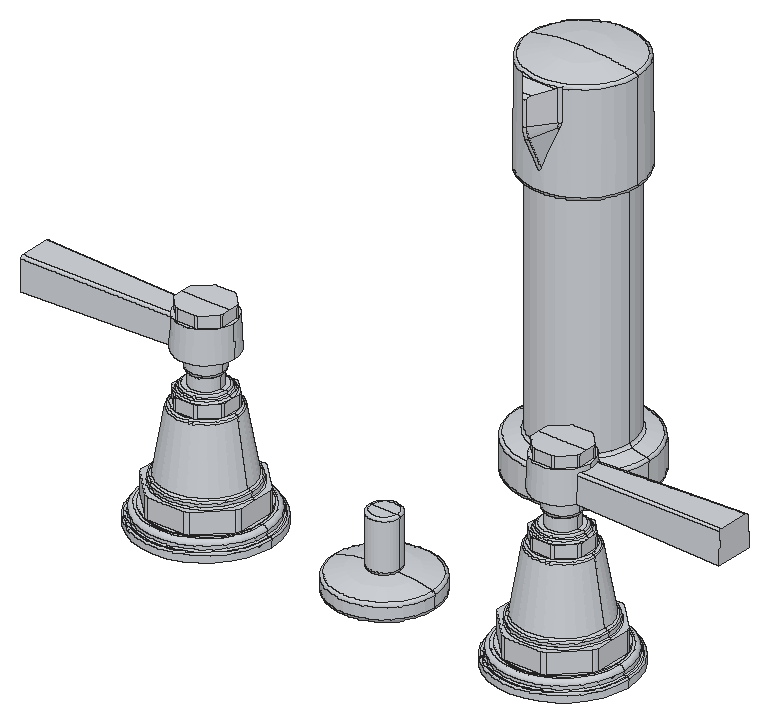
Revit family "Faucet-Bidet-KOHLER-Pinstripe_Pure-K-13142", category Plumbing Fixtures, host Face, Revit 2017
Family settings
  Host = Face
  Round Connector Dimension = Use Diameter
  Part Type = Normal
  OmniClass Number = 23.31.11.00
  OmniClass Title = Faucets
  Cut with Voids When Loaded = No
  Shared = No
  Room Calculation Point = No
Parameters (values of type "CP-Polished Chrome")
  Width [instance] = 5 3/4"
  WaterSense Certified = 1 = 0  # no
  Waste Water Outlet = "Waste Water Outlet"  # constant formula
  Waste Connection = 1 = 0  # no
  Vent Connection = 1 = 0  # no
  URL = "https://www.us.kohler.com/us/"
  Type = 1
  Spout Reach = 0"
  Product Page URL = "http://www.us.kohler.com/us/catalog/productDetails.jsp?productNumber=13142-4A"
  Product Name = "Pinstripe Pure"  # constant formula
  Product Documentation Link = "https://www.us.kohler.com/webassets/kpna/catalog/pdf/en/K-13142-4A_spec.pdf"
  Pressure = 0.00 psi
  Model = if(Type = 1, "K-13142-4A-CP", if(Type = 2, "K-13142-4A-SN", if(Type = 3, "K-13142-4A-BN", "NA")))  # "K-13142-4A-CP"
  Material = "Premium Metal construction"  # constant formula
  Master Format 2014 Name = "Residential Faucets, Supplies, and Trim"  # constant formula
  Master Format 2014 = "22 41 39"  # constant formula
  Manufacturer Address = "444 Highland Dr, Kohler, WI 53044"  # constant formula
  Manufacturer = "KOHLER Co."  # constant formula
  Length = 2 1/8"  # constant formula
  Hot Water Inlet = "Hot Water Inlet"  # constant formula
  Height = 6 1/8"  # constant formula
  Handle Clearance = 2 3/4"  # constant formula
  HW Connection = 1 = 1  # yes
  Flow Rate = 0 GPM
  Finish = Kohler-Metal-CP-Polished_Chrome
  Faucet Hole Spacing [instance] = Width  # 5 3/4"
  Environmental Product Declaration = ""
  Drain Included = 1 = 1  # yes
  Distance Of Spray [instance] = 4"
  Description = "Vertical spray bidet faucet with lever handles"  # constant formula
  Default Elevation = 36"
  Declare Label = ""
  Date Modified = "03/23/2020"  # constant formula
  Date Created = "03/23/2020"  # constant formula
  Copyright = "Copyright KOHLER Co."  # constant formula
  Contact Us = "https://www.us.kohler.com/us/static/contact.jsp"
  Cold Water Inlet = "Cold Water Inlet"  # constant formula
  CW Connection = 1 = 1  # yes
  Assembly Code = "D2010"
  ADA Compliant = 1 = 0  # no
Types (4): name | Type | Model | Finish
  (no name) | 1 | "K-13142-4A-CP" | Kohler-Metal-CP-Polished_Chrome
  CP-Polished Chrome | 1 | "K-13142-4A-CP" | Kohler-Metal-CP-Polished_Chrome
  SN-Vibrant Polished Nickel | 2 | "K-13142-4A-SN" | Kohler-Metal-SN-Vibrant_Polished_Nickel
  BN-Vibrant Brushed Nickel | 3 | "K-13142-4A-BN" | Kohler-Metal-BN-Vibrant_Brushed_Nickel
Reference planes (in)
  plane 1 "Center (Front/Back)": y = 0
  plane 2: z = 0
  plane 3 "Center (Left/Right)": x = 0
  plane 4: y = 4
  plane 5: x = -1.0625
  plane 6: x = 1.0625
  plane 7: y = 5.0625
  plane 8: y = 2.9375
  plane 9: x = -2.875
  plane 10: x = -3.9375
  plane 11: x = -1.8125
  plane 12: y = -1.0625
  plane 13: y = 1.0625
  plane 14: x = 2.875
  plane 15: x = 3.9375
  plane 16: x = 1.8125
  plane 17: y = 2.8125
  plane 18: y = 0.8125
  plane 19: y = -0.8125
  plane 20: x = 0.8125
  plane 21: x = -0.8125
  plane 22: z = 6.125
  plane 23: z = 3.1875
  plane 24: x = 5.625
  plane 25: x = -5.625
Dimensions and locks (in)
  "Distance Of Spray": plane 1 "Center (Front/Back)" to plane 4
  equal spacing: plane 9, plane 3 "Center (Left/Right)", plane 14
  "Width": plane 9 to plane 14
  equal spacing: plane 10, plane 9, plane 11
  locked: plane 10 to plane 11 at 2.125
  equal spacing: plane 16, plane 14, plane 15, locked at 1.0625 each
  locked: plane 16 to plane 15 at 2.125
  equal spacing: plane 5, plane 3 "Center (Left/Right)", plane 6
  locked: plane 5 to plane 6 at 2.125
  equal spacing: plane 7, plane 4, plane 8, locked at 1.0625 each
  "Length": plane 7 to plane 8
  locked: plane 8 to plane 17 at 0.125
  "Handle Clearance": plane 25 to plane 9
  "Handle Clearance": plane 14 to plane 24
  "Height": plane 22 to plane 2
  aligned and locked: plane 2 to host face
  aligned and locked: level to host face
  aligned and locked: plane 9 to nested 1
  aligned and locked: plane 14 to nested 2
  aligned and locked: plane 10 to nested 1
  aligned and locked: plane 11 to nested 1
  aligned and locked: plane 16 to nested 2
  aligned and locked: plane 15 to nested 2
  aligned and locked: plane 5 to nested 4
  aligned and locked: plane 6 to nested 4
  aligned and locked: plane 4 to nested 4
  aligned and locked: plane 8 to nested 4
  aligned and locked: plane 17 to nested 4
  aligned and locked: plane 7 to nested 4
  aligned and locked: plane 25 to nested 1
  aligned and locked: plane 24 to nested 2
Automatic sketch dimensions
  host sketch curve to host sketch curve = 96"  (x2)
Nested families (in)
  nested 1: "K-13142_Handle" at (-2.875, 0, 0), type "K-13142_Handle"
  nested 2: "K-13142_Handle" at (2.875, 0, 0) x (-1, 0, 0) z (0, 0, 1), type "K-13142_Handle"
  nested 3: "K-13142_Liftrod" at (0, 0, 0), type "K-13142_Liftrod"
  nested 4: "K-13142_Spray_Handle" at (0, 4, 0), type "K-13142_Spray_Handle"
Connectors (in)
  piping at (-2.875, 0, 0), diameter 0.5, driven by "Flow Rate", driven by "HW Connection", driven by "Hot Water Inlet"
    settings: on nested 1, index 1, connector inside diameter 24", connector length 0", flow factor 0, pipe flow 0 GPM, pressure drop 0.00 psi, fitting loss kfactor 0, connector angle 0.00°, fixture units 0, engagement length 0", angle of deflection 0.00°, flow configuration 0, flow direction 1, fitting loss method 0, system type 19, joint type 0, gender type 0, connector reference index -1, connector utility 1, adjustable connector no, is connector primary yes, connector description "Hot Water Inlet"
  piping at (2.875, 0, 0), diameter 0.5, driven by "Flow Rate", driven by "CW Connection", driven by "Cold Water Inlet"
    settings: on nested 2, index 2, connector inside diameter 24", connector length 0", flow factor 0, pipe flow 0 GPM, pressure drop 0.00 psi, fitting loss kfactor 0, connector angle 0.00°, fixture units 0, engagement length 0", angle of deflection 0.00°, flow configuration 0, flow direction 1, fitting loss method 0, system type 20, joint type 0, gender type 0, connector reference index -1, connector utility 1, adjustable connector no, is connector primary no, connector description "Cold Water Inlet"
Definition of nested family "K-13142_Handle"
  Parameters (values of type "K-13142_Handle")
    Material = none
  Reference planes (in)
    plane 1 "Center (Front/Back)": y = 0
    plane 2: z = 0
    plane 3 "Center (Left/Right)": x = 0
    plane 4: x = 1.0625
    plane 5: z = 3.1875
    plane 6: x = -1.0625
    plane 7: x = -2.75
    plane 8: x = -1.5
    plane 9: y = 1.5
    plane 10: y = -1.0625
    plane 11: y = -1.5
    plane 12: x = 1.5
    plane 13: y = 1.0625
  Forms (in)
    Revolve 1, solid, material <- "Material", detail levels medium+fine
      sketch origin (4, 0, 0) x (1, 0, 0) y (0, 0, 1)
        loop
          line (-4, 0) -> (-4, 3.1875) -> (-4.44027, 3.1875) -> (-4.46393, 2.50998) -> (-4.33898, 2.50998)
          arc (-4.33898, 2.50998) -> (-4.30018, 2.49431) -> (-4.28316, 2.45608) r 0.05585
          line (-4.28316, 2.45608) -> (-4.27601, 2.25144)
          arc (-4.27601, 2.25144) -> (-4.26687, 2.23092) -> (-4.24605, 2.2225) r 0.02998
          line (-4.24605, 2.2225) -> (-4.21463, 2.2225) -> (-4.24224, 2.19489) -> (-4.24224, 2.00519) -> (-4.31833, 2.00519)
          arc (-4.31833, 2.00519) -> (-4.33539, 1.99855) -> (-4.34348, 1.98213) r 0.02525
          arc (-4.34348, 1.98213) -> (-4.34952, 1.96781) -> (-4.3628, 1.95973) r 0.02529
          arc (-4.3628, 1.95973) -> (-4.37656, 1.95202) -> (-4.38427, 1.93826) r 0.02902
          arc (-4.38427, 1.93826) -> (-4.39265, 1.92458) -> (-4.40748, 1.91846) r 0.02589
          line (-4.40748, 1.91846) -> (-4.46165, 1.91846) -> (-4.46165, 1.72266)
          arc (-4.46165, 1.72266) -> (-4.47289, 1.70627) -> (-4.49173, 1.69995) r 0.03128
          arc (-4.49173, 1.69995) -> (-4.50629, 1.69465) -> (-4.51404, 1.68123) r 0.02266
          line (-4.51404, 1.68123) -> (-4.68364, 0.7194)
          arc (-4.68364, 0.7194) -> (-4.69642, 0.69828) -> (-4.71967, 0.69) r 0.03678
          arc (-4.71967, 0.69) -> (-4.73439, 0.6839) -> (-4.74049, 0.66919) r 0.02081
          line (-4.74049, 0.66919) -> (-4.74049, 0.61991)
          arc (-4.74049, 0.61991) -> (-4.74632, 0.60583) -> (-4.7604, 0.6) r 0.01991
          line (-4.7604, 0.6) -> (-4.87421, 0.6) -> (-4.87421, 0.27) -> (-4.91742, 0.27)
          arc (-4.91742, 0.27) -> (-4.96627, 0.24977) -> (-4.9865, 0.20092) r 0.06908
          line (-4.9865, 0.20092) -> (-4.9865, 0.14989)
          arc (-4.9865, 0.14989) -> (-4.99233, 0.13583) -> (-5.00639, 0.13) r 0.01989
          line (-5.00639, 0.13) -> (-5.03716, 0.13)
          arc (-5.03716, 0.13) -> (-5.05508, 0.12258) -> (-5.0625, 0.10466) r 0.02534
          line (-5.0625, 0.10466) -> (-5.0625, 0) -> (-4, 0)
        axis (-4, 3.1875) -> (-4, 0)
      angle from 0 to 360
    Extrusion 2, void
      sketch origin (4, 0, 0) x (1, 0, 0) y (0, 1, 0)
        loop
          arc (-4.37627, 0.17527) -> (-4.38643, 0.16007) -> (-4.39, 0.14213) r 0.04688
          line (-4.39, 0.14213) -> (-4.39, -0.14213)
          arc (-4.39, -0.14213) -> (-4.38643, -0.16007) -> (-4.37627, -0.17527) r 0.04688
          line (-4.37627, -0.17527) -> (-4.17527, -0.37627)
          arc (-4.17527, -0.37627) -> (-4.16007, -0.38643) -> (-4.14213, -0.39) r 0.04688
          line (-4.14213, -0.39) -> (-3.85787, -0.39)
          arc (-3.85787, -0.39) -> (-3.83993, -0.38643) -> (-3.82473, -0.37627) r 0.04688
          line (-3.82473, -0.37627) -> (-3.62373, -0.17527)
          arc (-3.62373, -0.17527) -> (-3.61357, -0.16007) -> (-3.61, -0.14213) r 0.04688
          line (-3.61, -0.14213) -> (-3.61, 0.14213)
          arc (-3.61, 0.14213) -> (-3.61357, 0.16007) -> (-3.62373, 0.17527) r 0.04688
          line (-3.62373, 0.17527) -> (-3.82473, 0.37627)
          arc (-3.82473, 0.37627) -> (-3.83993, 0.38643) -> (-3.85787, 0.39) r 0.04688
          line (-3.85787, 0.39) -> (-4.14213, 0.39)
          arc (-4.14213, 0.39) -> (-4.16007, 0.38643) -> (-4.17527, 0.37627) r 0.04688
          line (-4.17527, 0.37627) -> (-4.37627, 0.17527)
        loop
          circle (-4, 0) r 0.46393
      from 3.0125 to 3.19947
    Extrusion 3, void
      sketch origin (4, 0, 0) x (1, 0, 0) y (0, 1, 0)
        loop
          circle (-4, 0) r 0.96319
        loop
          arc (-4.77625, 0.36684) -> (-4.79996, 0.33135) -> (-4.80828, 0.2895) r 0.10938
          line (-4.80828, 0.2895) -> (-4.80828, -0.29021)
          arc (-4.80828, -0.29021) -> (-4.80009, -0.33141) -> (-4.77675, -0.36633) r 0.10764
          line (-4.77675, -0.36633) -> (-4.36684, -0.77625)
          arc (-4.36684, -0.77625) -> (-4.33135, -0.79996) -> (-4.2895, -0.80828) r 0.10937
          line (-4.2895, -0.80828) -> (-3.7105, -0.80828)
          arc (-3.7105, -0.80828) -> (-3.66865, -0.79996) -> (-3.63316, -0.77625) r 0.10937
          line (-3.63316, -0.77625) -> (-3.22375, -0.36684)
          arc (-3.22375, -0.36684) -> (-3.20004, -0.33135) -> (-3.19172, -0.2895) r 0.10937
          line (-3.19172, -0.2895) -> (-3.19172, 0.2895)
          arc (-3.19172, 0.2895) -> (-3.20004, 0.33135) -> (-3.22375, 0.36684) r 0.10938
          line (-3.22375, 0.36684) -> (-3.63316, 0.77625)
          arc (-3.63316, 0.77625) -> (-3.66865, 0.79996) -> (-3.7105, 0.80828) r 0.10938
          line (-3.7105, 0.80828) -> (-4.2895, 0.80828)
          arc (-4.2895, 0.80828) -> (-4.33135, 0.79996) -> (-4.36684, 0.77625) r 0.10938
          line (-4.36684, 0.77625) -> (-4.77625, 0.36684)
      from 0.27852 to 0.76563
    Extrusion 4, void
      sketch origin (4, 0, 0) x (1, 0, 0) y (0, 1, 0)
        loop
          arc (-4.40284, 0.19113) -> (-4.41554, 0.17212) -> (-4.42, 0.1497) r 0.05859
          line (-4.42, 0.1497) -> (-4.42, -0.1497)
          arc (-4.42, -0.1497) -> (-4.41554, -0.17212) -> (-4.40284, -0.19113) r 0.05859
          line (-4.40284, -0.19113) -> (-4.19113, -0.40284)
          arc (-4.19113, -0.40284) -> (-4.17212, -0.41554) -> (-4.1497, -0.42) r 0.05859
          line (-4.1497, -0.42) -> (-3.8503, -0.42)
          arc (-3.8503, -0.42) -> (-3.82788, -0.41554) -> (-3.80887, -0.40284) r 0.05859
          line (-3.80887, -0.40284) -> (-3.59716, -0.19113)
          arc (-3.59716, -0.19113) -> (-3.58446, -0.17212) -> (-3.58, -0.1497) r 0.05859
          line (-3.58, -0.1497) -> (-3.58, 0.1497)
          arc (-3.58, 0.1497) -> (-3.58446, 0.17212) -> (-3.59716, 0.19113) r 0.05859
          line (-3.59716, 0.19113) -> (-3.80887, 0.40284)
          arc (-3.80887, 0.40284) -> (-3.82788, 0.41554) -> (-3.8503, 0.42) r 0.05859
          line (-3.8503, 0.42) -> (-4.14891, 0.42)
          arc (-4.14891, 0.42) -> (-4.17206, 0.41539) -> (-4.19169, 0.40228) r 0.0605
          line (-4.19169, 0.40228) -> (-4.40284, 0.19113)
        loop
          circle (-4, 0) r 0.53299
      from 1.72266 to 1.97131
    Blend 5, solid, material <- "Material", detail levels medium+fine
      base sketch origin (8.2728, 0, 0) x (0, 1, 0) y (0, 0, 1)
        loop
          arc (-0.24256, 2.99242) -> (-0.26968, 2.98147) -> (-0.2816, 2.95477) r 0.03906
          line (-0.2816, 2.95477) -> (-0.2987, 2.48) -> (0.2987, 2.48) -> (0.28163, 2.95395)
          arc (0.28163, 2.95395) -> (0.26945, 2.98124) -> (0.24174, 2.99242) r 0.03991
          line (0.24174, 2.99242) -> (-0.24256, 2.99242)
      top sketch origin (0, 0, 0) x (0, 1, 0) y (0, 0, 1)
        loop
          line (0.17371, 2.9525) -> (-0.17371, 2.9525)
          arc (-0.17371, 2.9525) -> (-0.20094, 2.94151) -> (-0.21291, 2.91469) r 0.03922
          line (-0.21291, 2.91469) -> (-0.22746, 2.51071) -> (0.22746, 2.51071) -> (0.21291, 2.91469)
          arc (0.21291, 2.91469) -> (0.20094, 2.94151) -> (0.17371, 2.9525) r 0.03922
      from -11.0228 to -0.31937
    Extrusion 6, solid, material <- "Material", detail levels coarse
      sketch origin (4, 0, 0) x (0, 1, 0) y (0, 0, 1)
        loop
          line (0.2987, 2.48) -> (0.2987, 2.99242) -> (-0.2987, 2.99242) -> (-0.2987, 2.48) -> (0.2987, 2.48)
      from -6.75 to -4.31937
    Revolve 7, solid, material <- "Material", detail levels coarse
      sketch origin (0, 0, 0) x (1, 0, 0) y (0, 0, 1)
        loop
          line (0, 0) -> (1.0625, 0) -> (0.37627, 3.1875) -> (0, 3.1875) -> (0, 0)
        axis (0, 3.1875) -> (0, 0)
      angle from 0 to 360
  Cuts and joins
    Extrusion 2, Extrusion 3, Extrusion 4 cuts Revolve 1
    joined: Extrusion 6, Revolve 7
  Lines and regions (in)
    Masking region 1
      outline origin (0, 0, 0) x (1, 0, 0) y (0, 0, 1)
        loop
          line (-1.0625, 0) -> (1.0625, 0) -> (1.0625, 0.10466)
          arc (1.0625, 0.10466) -> (1.05508, 0.12258) -> (1.03716, 0.13) r 0.02534
          line (1.03716, 0.13) -> (1.00639, 0.13)
          arc (1.00639, 0.13) -> (0.99233, 0.13583) -> (0.9865, 0.14989) r 0.01989
          line (0.9865, 0.14989) -> (0.9865, 0.20092)
          arc (0.9865, 0.20092) -> (0.96627, 0.24977) -> (0.91742, 0.27) r 0.06908
          line (0.91742, 0.27) -> (0.87421, 0.27) -> (0.87421, 0.30077) -> (0.80828, 0.30077) -> (0.80828, 0.6) -> (0.7604, 0.6)
          arc (0.7604, 0.6) -> (0.74632, 0.60583) -> (0.74049, 0.61991) r 0.01991
          line (0.74049, 0.61991) -> (0.74049, 0.66919)
          arc (0.74049, 0.66919) -> (0.73439, 0.6839) -> (0.71967, 0.69) r 0.02081
          arc (0.71967, 0.69) -> (0.69642, 0.69828) -> (0.68364, 0.7194) r 0.03678
          line (0.68364, 0.7194) -> (0.51404, 1.68123)
          arc (0.51404, 1.68123) -> (0.50629, 1.69465) -> (0.49173, 1.69995) r 0.02266
          arc (0.49173, 1.69995) -> (0.47289, 1.70627) -> (0.46165, 1.72266) r 0.03128
          line (0.46165, 1.72266) -> (0.42, 1.72266) -> (0.42, 1.89099)
          arc (0.42, 1.89099) -> (0.41783, 1.90659) -> (0.40748, 1.91846) r 0.02758
          arc (0.40748, 1.91846) -> (0.39265, 1.92458) -> (0.38427, 1.93826) r 0.02589
          arc (0.38427, 1.93826) -> (0.37656, 1.95202) -> (0.3628, 1.95973) r 0.02902
          arc (0.3628, 1.95973) -> (0.34952, 1.96781) -> (0.34348, 1.98213) r 0.02529
          arc (0.34348, 1.98213) -> (0.33539, 1.99855) -> (0.31833, 2.00519) r 0.02525
          line (0.31833, 2.00519) -> (0.24224, 2.00519) -> (0.24224, 2.19489) -> (0.21463, 2.2225) -> (0.24605, 2.2225)
          arc (0.24605, 2.2225) -> (0.26687, 2.23092) -> (0.27601, 2.25144) r 0.02998
          line (0.27601, 2.25144) -> (0.28316, 2.45608)
          arc (0.28316, 2.45608) -> (0.30018, 2.49431) -> (0.33898, 2.50998) r 0.05585
          line (0.33898, 2.50998) -> (0.46393, 2.50998) -> (0.44638, 3.0125) -> (0.39, 3.0125) -> (0.39, 3.1875) -> (-0.39, 3.1875) -> (-0.39, 3.0125) -> (-0.44638, 3.0125) -> (-0.4484, 2.95462) -> (-2.72774, 2.99206)
          arc (-2.72774, 2.99206) -> (-2.74346, 2.98577) -> (-2.75, 2.97016) r 0.0219
          line (-2.75, 2.97016) -> (-2.75, 2.50515)
          arc (-2.75, 2.50515) -> (-2.74314, 2.48873) -> (-2.72664, 2.48207) r 0.02308
          line (-2.72664, 2.48207) -> (-0.46393, 2.50998) -> (-0.33898, 2.50998)
          arc (-0.33898, 2.50998) -> (-0.30018, 2.49431) -> (-0.28316, 2.45608) r 0.05585
          line (-0.28316, 2.45608) -> (-0.27601, 2.25144)
          arc (-0.27601, 2.25144) -> (-0.26687, 2.23092) -> (-0.24605, 2.2225) r 0.02998
          line (-0.24605, 2.2225) -> (-0.21463, 2.2225) -> (-0.24224, 2.19489) -> (-0.24224, 2.00519) -> (-0.31833, 2.00519)
          arc (-0.31833, 2.00519) -> (-0.33539, 1.99855) -> (-0.34348, 1.98213) r 0.02525
          arc (-0.34348, 1.98213) -> (-0.34952, 1.96781) -> (-0.3628, 1.95973) r 0.02529
          arc (-0.3628, 1.95973) -> (-0.37656, 1.95202) -> (-0.38427, 1.93826) r 0.02902
          arc (-0.38427, 1.93826) -> (-0.39265, 1.92458) -> (-0.40748, 1.91846) r 0.02589
          arc (-0.40748, 1.91846) -> (-0.41783, 1.90659) -> (-0.42, 1.89099) r 0.02758
          line (-0.42, 1.89099) -> (-0.42, 1.72266) -> (-0.46165, 1.72266)
          arc (-0.46165, 1.72266) -> (-0.47289, 1.70627) -> (-0.49173, 1.69995) r 0.03128
          arc (-0.49173, 1.69995) -> (-0.50629, 1.69465) -> (-0.51404, 1.68123) r 0.02266
          line (-0.51404, 1.68123) -> (-0.68364, 0.7194)
          arc (-0.68364, 0.7194) -> (-0.69642, 0.69828) -> (-0.71967, 0.69) r 0.03678
          arc (-0.71967, 0.69) -> (-0.73439, 0.6839) -> (-0.74049, 0.66919) r 0.02081
          line (-0.74049, 0.66919) -> (-0.74049, 0.61991)
          arc (-0.74049, 0.61991) -> (-0.74632, 0.60583) -> (-0.7604, 0.6) r 0.01991
          line (-0.7604, 0.6) -> (-0.80828, 0.6) -> (-0.80828, 0.30077) -> (-0.87421, 0.30077) -> (-0.87421, 0.27) -> (-0.91742, 0.27)
          arc (-0.91742, 0.27) -> (-0.96627, 0.24977) -> (-0.9865, 0.20092) r 0.06908
          line (-0.9865, 0.20092) -> (-0.9865, 0.14989)
          arc (-0.9865, 0.14989) -> (-0.99233, 0.13583) -> (-1.00639, 0.13) r 0.01989
          line (-1.00639, 0.13) -> (-1.03716, 0.13)
          arc (-1.03716, 0.13) -> (-1.05508, 0.12258) -> (-1.0625, 0.10466) r 0.02534
          line (-1.0625, 0.10466) -> (-1.0625, 0)
    Masking region 2
      outline origin (0, -2.68316, 0) x (0, 1, 0) y (0, 0, 1)
        loop
          line (3.74566, 0) -> (3.74566, 0.10466)
          arc (3.74566, 0.10466) -> (3.73824, 0.12258) -> (3.72032, 0.13) r 0.02534
          line (3.72032, 0.13) -> (3.68955, 0.13)
          arc (3.68955, 0.13) -> (3.67549, 0.13583) -> (3.66966, 0.14989) r 0.01989
          line (3.66966, 0.14989) -> (3.66966, 0.20092)
          arc (3.66966, 0.20092) -> (3.64943, 0.24977) -> (3.60058, 0.27) r 0.06908
          line (3.60058, 0.27) -> (3.55737, 0.27) -> (3.55737, 0.30077) -> (3.49144, 0.30077) -> (3.49144, 0.6) -> (3.44356, 0.6)
          arc (3.44356, 0.6) -> (3.42948, 0.60583) -> (3.42365, 0.61991) r 0.01991
          line (3.42365, 0.61991) -> (3.42365, 0.66919)
          arc (3.42365, 0.66919) -> (3.41755, 0.6839) -> (3.40283, 0.69) r 0.02081
          arc (3.40283, 0.69) -> (3.37958, 0.69828) -> (3.3668, 0.7194) r 0.03678
          line (3.3668, 0.7194) -> (3.1972, 1.68123)
          arc (3.1972, 1.68123) -> (3.18945, 1.69465) -> (3.17489, 1.69995) r 0.02266
          arc (3.17489, 1.69995) -> (3.15605, 1.70627) -> (3.14481, 1.72266) r 0.03128
          line (3.14481, 1.72266) -> (3.10316, 1.72266) -> (3.10316, 1.89099)
          arc (3.10316, 1.89099) -> (3.10099, 1.90659) -> (3.09064, 1.91846) r 0.02758
          arc (3.09064, 1.91846) -> (3.07581, 1.92458) -> (3.06742, 1.93826) r 0.02589
          arc (3.06742, 1.93826) -> (3.05972, 1.95202) -> (3.04596, 1.95973) r 0.02902
          arc (3.04596, 1.95973) -> (3.03268, 1.96781) -> (3.02664, 1.98213) r 0.02529
          arc (3.02664, 1.98213) -> (3.01855, 1.99855) -> (3.00149, 2.00519) r 0.02525
          line (3.00149, 2.00519) -> (2.9254, 2.00519) -> (2.9254, 2.19489) -> (2.89779, 2.2225) -> (2.92921, 2.2225)
          arc (2.92921, 2.2225) -> (2.95003, 2.23092) -> (2.95917, 2.25144) r 0.02998
          line (2.95917, 2.25144) -> (2.96632, 2.45608)
          arc (2.96632, 2.45608) -> (2.98334, 2.49431) -> (3.02214, 2.50998) r 0.05585
          line (3.02214, 2.50998) -> (3.14709, 2.50998) -> (3.12954, 3.0125) -> (3.07316, 3.0125) -> (3.07316, 3.1875) -> (2.29316, 3.1875) -> (2.29316, 3.0125) -> (2.23678, 3.0125) -> (2.21923, 2.50998) -> (2.34418, 2.50998)
          arc (2.34418, 2.50998) -> (2.38298, 2.49431) -> (2.4, 2.45608) r 0.05585
          line (2.4, 2.45608) -> (2.40715, 2.25144)
          arc (2.40715, 2.25144) -> (2.41629, 2.23092) -> (2.43711, 2.2225) r 0.02998
          line (2.43711, 2.2225) -> (2.46853, 2.2225) -> (2.44092, 2.19489) -> (2.44092, 2.00519) -> (2.36483, 2.00519)
          arc (2.36483, 2.00519) -> (2.34777, 1.99855) -> (2.33968, 1.98213) r 0.02525
          arc (2.33968, 1.98213) -> (2.33364, 1.96781) -> (2.32036, 1.95973) r 0.02529
          arc (2.32036, 1.95973) -> (2.3066, 1.95202) -> (2.29889, 1.93826) r 0.02902
          arc (2.29889, 1.93826) -> (2.29051, 1.92458) -> (2.27568, 1.91846) r 0.02589
          arc (2.27568, 1.91846) -> (2.26532, 1.90659) -> (2.26316, 1.89099) r 0.02758
          line (2.26316, 1.89099) -> (2.26316, 1.72266) -> (2.22151, 1.72266)
          arc (2.22151, 1.72266) -> (2.21027, 1.70627) -> (2.19143, 1.69995) r 0.03128
          arc (2.19143, 1.69995) -> (2.17687, 1.69465) -> (2.16912, 1.68123) r 0.02266
          line (2.16912, 1.68123) -> (1.99952, 0.7194)
          arc (1.99952, 0.7194) -> (1.98674, 0.69828) -> (1.96349, 0.69) r 0.03678
          arc (1.96349, 0.69) -> (1.94877, 0.6839) -> (1.94267, 0.66919) r 0.02081
          line (1.94267, 0.66919) -> (1.94267, 0.61991)
          arc (1.94267, 0.61991) -> (1.93684, 0.60583) -> (1.92276, 0.6) r 0.01991
          line (1.92276, 0.6) -> (1.87488, 0.6) -> (1.87488, 0.30077) -> (1.80895, 0.30077) -> (1.80895, 0.27) -> (1.76574, 0.27)
          arc (1.76574, 0.27) -> (1.71689, 0.24977) -> (1.69666, 0.20092) r 0.06908
          line (1.69666, 0.20092) -> (1.69666, 0.14989)
          arc (1.69666, 0.14989) -> (1.69083, 0.13583) -> (1.67677, 0.13) r 0.01989
          line (1.67677, 0.13) -> (1.646, 0.13)
          arc (1.646, 0.13) -> (1.62808, 0.12258) -> (1.62066, 0.10466) r 0.02534
          line (1.62066, 0.10466) -> (1.62066, 0) -> (3.74566, 0)
    Masking region 3
      outline origin (0, 0, 0) x (1, 0, 0) y (0, 1, 0)
        loop
          line (-2.75, 0.2987) -> (-2.75, -0.2987) -> (-1.03306, -0.24839)
          arc (-1.03306, -0.24839) -> (1.0625, 0) -> (-1.03306, 0.24839) r 1.0625
          line (-1.03306, 0.24839) -> (-2.75, 0.2987)
    symbolic lines, detail levels medium+fine
      curve 1: line (-1.00639, 0, 0.13) -> (1.00639, 0, 0.13)
      curve 2: line (-0.87421, 0, 0.27) -> (0.87421, 0, 0.27)
      curve 3: line (-0.80828, 0, 0.30077) -> (0.80828, 0, 0.30077)
      curve 4: line (-0.7604, 0, 0.6) -> (0.7604, 0, 0.6)
      curve 5: line (-0.71967, 0, 0.69) -> (0.71967, 0, 0.69)
      curve 6: line (-0.42, 0, 1.72266) -> (0.42, 0, 1.72266)
      curve 7: line (-0.49173, 0, 1.69995) -> (0.49173, 0, 1.69995)
      curve 8: line (-0.40748, 0, 1.91846) -> (0.40748, 0, 1.91846)
      curve 9: line (-0.3628, 0, 1.95973) -> (0.3628, 0, 1.95973)
      curve 10: line (-0.24224, 0, 2.00519) -> (0.24224, 0, 2.00519)
      curve 11: line (-0.21463, 0, 2.2225) -> (0.21463, 0, 2.2225)
      curve 12: line (-0.33898, 0, 2.50998) -> (-0.27807, 0, 2.50998)
      curve 13: line (-0.39, 0, 3.0125) -> (0.39, 0, 3.0125)
      curve 14: line (-0.17527, 0, 3.1875) -> (-0.17527, 0, 3.0125)
      curve 15: line (0.17527, 0, 3.1875) -> (0.17527, 0, 3.0125)
      curve 16: line (-0.2895, 0, 0.53262) -> (-0.2895, 0, 0.35992)
      curve 17: line (0, 1.00639, 0.13) -> (0, -1.00639, 0.13)
      curve 18: line (0, 0.87421, 0.27) -> (0, -0.87421, 0.27)
      curve 19: line (0, -0.80828, 0.30077) -> (0, 0.80828, 0.30077)
      curve 20: line (0, 0.7604, 0.6) -> (0, -0.7604, 0.6)
      curve 21: line (0, 0.71967, 0.69) -> (0, -0.71967, 0.69)
      curve 22: line (0, 0.49173, 1.69995) -> (0, -0.49173, 1.69995)
      curve 23: line (0, -0.42, 1.72266) -> (0, 0.42, 1.72266)
      curve 24: line (0, 0.40228, 1.91846) -> (0, -0.40748, 1.91846)
      curve 25: line (0, -0.3628, 1.95973) -> (0, 0.3628, 1.95973)
      curve 26: line (0, 0.24224, 2.00519) -> (0, -0.24224, 2.00519)
      curve 27: line (0, 0.21463, 2.2225) -> (0, -0.21463, 2.2225)
      curve 28: line (0, 0.33898, 2.50998) -> (0, 0.29762, 2.50998)
      curve 29: line (0, 0.39, 3.0125) -> (0, -0.39, 3.0125)
      curve 30: line (0, 0.17527, 3.1875) -> (0, 0.17527, 3.0125)
      curve 31: line (0, -0.17527, 3.1875) -> (0, -0.17527, 3.0125)
      curve 32: arc (-0.36684, 0.77625, 0) -> (-0.33135, 0.79996, 0) -> (-0.2895, 0.80828, 0) r 0.10938
      curve 33: line (-0.2895, 0.80828, 0) -> (-0.24766, 0.80828, 0)
      curve 34: arc (0.2895, 0.80828, 0) -> (0.33135, 0.79996, 0) -> (0.36684, 0.77625, 0) r 0.10938
      curve 35: line (0.36684, 0.77625, 0) -> (0.77625, 0.36684, 0)
      curve 36: arc (0.77625, 0.36684, 0) -> (0.79996, 0.33135, 0) -> (0.80828, 0.2895, 0) r 0.10938
      curve 37: line (0.80828, 0.2895, 0) -> (0.80828, 0.24766, 0)
      curve 38: arc (0.80828, -0.2895, 0) -> (0.79996, -0.33135, 0) -> (0.77625, -0.36684, 0) r 0.10937
      curve 39: line (0.77625, -0.36684, 0) -> (0.36684, -0.77625, 0)
      curve 40: arc (0.36684, -0.77625, 0) -> (0.33135, -0.79996, 0) -> (0.2895, -0.80828, 0) r 0.10937
      curve 41: line (0.2895, -0.80828, 0) -> (0.24766, -0.80828, 0)
      curve 42: arc (-0.2895, -0.80828, 0) -> (-0.33135, -0.79996, 0) -> (-0.36684, -0.77625, 0) r 0.10937
      curve 43: line (-0.36684, -0.77625, 0) -> (-0.77675, -0.36633, 0)
      curve 44: arc (-0.77675, -0.36633, 0) -> (-0.80009, -0.33141, 0) -> (-0.80828, -0.29021, 0) r 0.10764
      curve 45: line (-0.80828, -0.29021, 0) -> (-0.80828, -0.24054, 0)
      curve 46: arc (-0.80828, 0.2895, 0) -> (-0.79996, 0.33135, 0) -> (-0.77625, 0.36684, 0) r 0.10938
      curve 47: line (-0.77625, 0.36684, 0) -> (-0.36684, 0.77625, 0)
      curve 48: circle (0, 0, 0) r 0.44638 normal (0, 0, -1)
      curve 49: line (-0.37627, 0.17527, 0) -> (-0.17527, 0.37627, 0)
      curve 50: arc (-0.17527, 0.37627, 0) -> (-0.16007, 0.38643, 0) -> (-0.14213, 0.39, 0) r 0.04688
      curve 51: line (-0.14213, 0.39, 0) -> (0.14213, 0.39, 0)
      curve 52: arc (0.14213, 0.39, 0) -> (0.16007, 0.38643, 0) -> (0.17527, 0.37627, 0) r 0.04688
      curve 53: line (0.17527, 0.37627, 0) -> (0.37627, 0.17527, 0)
      curve 54: arc (0.37627, 0.17527, 0) -> (0.38643, 0.16007, 0) -> (0.39, 0.14213, 0) r 0.04688
      curve 55: line (0.39, 0.14213, 0) -> (0.39, -0.14213, 0)
      curve 56: arc (0.39, -0.14213, 0) -> (0.38643, -0.16007, 0) -> (0.37627, -0.17527, 0) r 0.04688
      curve 57: line (0.37627, -0.17527, 0) -> (0.17527, -0.37627, 0)
      curve 58: arc (0.17527, -0.37627, 0) -> (0.16007, -0.38643, 0) -> (0.14213, -0.39, 0) r 0.04688
      curve 59: line (0.14213, -0.39, 0) -> (-0.14213, -0.39, 0)
      curve 60: arc (-0.14213, -0.39, 0) -> (-0.16007, -0.38643, 0) -> (-0.17527, -0.37627, 0) r 0.04688
      curve 61: line (-0.17527, -0.37627, 0) -> (-0.37627, -0.17527, 0)
      curve 62: arc (-0.37627, -0.17527, 0) -> (-0.38643, -0.16007, 0) -> (-0.39, -0.14213, 0) r 0.04688
      curve 63: line (-0.39, -0.14213, 0) -> (-0.39, 0.14213, 0)
      curve 64: arc (-0.39, 0.14213, 0) -> (-0.38643, 0.16007, 0) -> (-0.37627, 0.17527, 0) r 0.04688
      curve 65: arc (-0.64207, -0.23474, 0) -> (0.68363, -0.00273, 0) -> (-0.64018, 0.23985, 0) r 0.68364
      curve 66: arc (-0.83818, 0.2484, 0) -> (0.87421, -0.00351, 0) -> (-0.84015, -0.24166, 0) r 0.87421
      curve 67: arc (-0.95465, -0.24565, 0) -> (0.98574, -0.00397, 0) -> (-0.95263, 0.25334, 0) r 0.98575
      curve 68: arc (-0.70197, -0.23683, 0) -> (0.74084, -0.00296, 0) -> (-0.70005, 0.24244, 0) r 0.74084
      curve 69: line (-0.24766, -0.80828, 0) -> (-0.2895, -0.80828, 0)
      curve 70: line (-0.80828, 0.24711, 0) -> (-0.80828, 0.2895, 0)
      curve 71: line (0.24766, 0.80828, 0) -> (0.2895, 0.80828, 0)
      curve 72: line (0.80828, -0.24766, 0) -> (0.80828, -0.2895, 0)
      curve 73: arc (-0.4049, -0.22646, 0) -> (0.46392, 0.00289, 0) -> (-0.40769, 0.2214, 0) r 0.46393
      curve 74: line (-0.2895, 0.80828, 0) -> (0.24766, 0.80828, 0)
      curve 75: line (0.80828, 0.2895, 0) -> (0.80828, -0.2895, 0)
      curve 76: line (0.2895, -0.80828, 0) -> (-0.2895, -0.80828, 0)
      curve 77: arc (-0.80828, 0.2895, 0) -> (-0.79996, 0.33135, 0) -> (-0.77625, 0.36684, 0) r 0.10938
      curve 78: line (-0.80828, 0.23869, 0) -> (-0.80828, 0.2895, 0)
      curve 79: line (-1.03306, 0.24839, 0) -> (-0.40769, 0.2214, 0)
      curve 80: line (-1.03306, -0.24839, 0) -> (-0.4049, -0.22646, 0)
      curve 81: line (0, 0.28163, 2.95395) -> (0, 0.29827, 2.49191)
      curve 82: arc (0, 0.24174, 2.99242) -> (0, 0.26945, 2.98124) -> (0, 0.28163, 2.95395) r 0.03991
      curve 83: line (0, 0.24174, 2.99242) -> (0, -0.24256, 2.99242)
      curve 84: arc (0, -0.2816, 2.95477) -> (0, -0.26968, 2.98147) -> (0, -0.24256, 2.99242) r 0.03906
      curve 85: line (0, -0.2899, 2.48) -> (0, 0.2898, 2.48)
      curve 86: line (0, -0.29827, 2.492) -> (0, -0.2816, 2.95477)
      curve 87: line (0, -0.29762, 2.50998) -> (0, -0.33898, 2.50998)
      curve 88: line (0.27807, 0, 2.50998) -> (0.33898, 0, 2.50998)
      curve 89: line (-0.33898, 0, 2.50998) -> (0.33898, 0, 2.50998)
      curve 90: line (0, 0.33637, 0.54084) -> (0, 0.33637, 0.35997)
      curve 91: line (-0.19113, 0, 1.87421) -> (-0.19113, 0, 1.76415)
      curve 92: line (-0.40748, 0, 1.87531) -> (-0.40748, 0, 1.76415)
      curve 93: arc (-0.39239, 0, 1.89868) -> (-0.29993, 0, 1.91873) -> (-0.20736, 0, 1.89919) r 0.22614
      curve 94: arc (-0.38943, 0, 1.73844) -> (-0.29931, 0, 1.72266) -> (-0.20918, 0, 1.73844) r 0.26525
      curve 95: line (0.19113, 0, 1.87421) -> (0.19113, 0, 1.76415)
      curve 96: line (0.40748, 0, 1.87421) -> (0.40748, 0, 1.76415)
      curve 97: arc (0.39126, 0, 1.89919) -> (0.29931, 0, 1.91873) -> (0.20736, 0, 1.89919) r 0.22614
      curve 98: arc (0.38943, 0, 1.73844) -> (0.29931, 0, 1.72266) -> (0.20918, 0, 1.73844) r 0.26525
      curve 99: line (-0.15538, 0, 1.87026) -> (-0.15538, 0, 1.76641)
      curve 100: line (0.15538, 0, 1.87027) -> (0.15538, 0, 1.76641)
      curve 101: arc (-0.13489, 0, 1.89806) -> (0.00001, 0, 1.91846) -> (0.1349, 0, 1.89805) r 0.45604
      curve 102: arc (-0.13493, 0, 1.73995) -> (0, 0, 1.72266) -> (0.13493, 0, 1.73995) r 0.53501
      curve 103: arc (-0.40748, 0, 1.87531) -> (-0.40338, 0, 1.88922) -> (-0.39239, 0, 1.89868) r 0.02565
      curve 104: arc (-0.20736, 0, 1.89919) -> (-0.19554, 0, 1.8891) -> (-0.19113, 0, 1.87421) r 0.02734
      curve 105: arc (-0.40748, 0, 1.76415) -> (-0.40252, 0, 1.74844) -> (-0.38943, 0, 1.73844) r 0.02734
      curve 106: arc (-0.20918, 0, 1.73844) -> (-0.1961, 0, 1.74844) -> (-0.19113, 0, 1.76415) r 0.02734
      curve 107: arc (-0.13489, 0, 1.89806) -> (-0.14971, 0, 1.88753) -> (-0.15538, 0, 1.87026) r 0.0291
      curve 108: arc (-0.15538, 0, 1.76641) -> (-0.14967, 0, 1.74969) -> (-0.13493, 0, 1.73995) r 0.02734
      curve 109: arc (0.1349, 0, 1.89805) -> (0.14971, 0, 1.88753) -> (0.15538, 0, 1.87027) r 0.02908
      curve 110: arc (0.13493, 0, 1.73995) -> (0.14967, 0, 1.74969) -> (0.15538, 0, 1.76641) r 0.02734
      curve 111: arc (0.20736, 0, 1.89919) -> (0.19554, 0, 1.8891) -> (0.19113, 0, 1.87421) r 0.02734
      curve 112: arc (0.20918, 0, 1.73844) -> (0.1961, 0, 1.74844) -> (0.19113, 0, 1.76415) r 0.02734
      curve 113: arc (0.40748, 0, 1.87421) -> (0.40307, 0, 1.8891) -> (0.39126, 0, 1.89919) r 0.02734
      curve 114: arc (0.40748, 0, 1.76415) -> (0.40252, 0, 1.74844) -> (0.38943, 0, 1.73844) r 0.02734
      curve 115: line (-0.7604, 0, 0.53262) -> (-0.7604, 0, 0.35992)
      curve 116: arc (-0.74325, 0, 0.55799) -> (-0.52495, 0, 0.60023) -> (-0.30664, 0, 0.55799) r 0.58516
      curve 117: arc (-0.74123, 0, 0.33383) -> (-0.52495, 0, 0.30075) -> (-0.30867, 0, 0.33383) r 0.72363
      curve 118: arc (-0.74325, 0, 0.55799) -> (-0.75571, 0, 0.54792) -> (-0.7604, 0, 0.53262) r 0.02734
      curve 119: arc (-0.7604, 0, 0.35992) -> (-0.75509, 0, 0.34373) -> (-0.74123, 0, 0.33383) r 0.02734
      curve 120: arc (-0.30664, 0, 0.55799) -> (-0.29418, 0, 0.54792) -> (-0.2895, 0, 0.53262) r 0.02734
      curve 121: arc (-0.30867, 0, 0.33383) -> (-0.2948, 0, 0.34373) -> (-0.2895, 0, 0.35992) r 0.02734
      curve 122: line (0.2895, 0, 0.53262) -> (0.2895, 0, 0.35992)
      curve 123: line (0.7604, 0, 0.53262) -> (0.7604, 0, 0.35992)
      curve 124: arc (0.74325, 0, 0.55799) -> (0.52495, 0, 0.60023) -> (0.30664, 0, 0.55799) r 0.58516
      curve 125: arc (0.74123, 0, 0.33383) -> (0.52495, 0, 0.30075) -> (0.30867, 0, 0.33383) r 0.72363
      curve 126: arc (0.74325, 0, 0.55799) -> (0.75571, 0, 0.54792) -> (0.7604, 0, 0.53262) r 0.02734
      curve 127: arc (0.7604, 0, 0.35992) -> (0.75509, 0, 0.34373) -> (0.74123, 0, 0.33383) r 0.02734
      curve 128: arc (0.30664, 0, 0.55799) -> (0.29418, 0, 0.54792) -> (0.2895, 0, 0.53262) r 0.02734
      curve 129: arc (0.30867, 0, 0.33383) -> (0.2948, 0, 0.34373) -> (0.2895, 0, 0.35992) r 0.02734
      curve 130: line (-0.27324, 0, 0.51582) -> (-0.27324, 0, 0.3778)
      curve 131: line (0.27324, 0, 0.51582) -> (0.27324, 0, 0.3778)
      curve 132: arc (-0.25789, 0, 0.54039) -> (0, 0, 0.6) -> (0.25789, 0, 0.54039) r 0.58767
      curve 133: arc (-0.25651, 0, 0.3526) -> (0, 0, 0.30077) -> (0.25651, 0, 0.3526) r 0.66071
      curve 134: arc (-0.25789, 0, 0.54039) -> (-0.26909, 0, 0.5303) -> (-0.27324, 0, 0.51582) r 0.02734
      curve 135: arc (-0.27324, 0, 0.3778) -> (-0.26867, 0, 0.36267) -> (-0.25651, 0, 0.3526) r 0.02734
      curve 136: arc (0.25789, 0, 0.54039) -> (0.26909, 0, 0.5303) -> (0.27324, 0, 0.51582) r 0.02734
      curve 137: arc (0.25651, 0, 0.3526) -> (0.26867, 0, 0.36267) -> (0.27324, 0, 0.3778) r 0.02734
      curve 138: line (0, 0.199, 1.87717) -> (0, 0.199, 1.76407)
      curve 139: line (0, 0.17632, 1.87372) -> (0, 0.17632, 1.76751)
      curve 140: line (0, 0.40228, 1.87655) -> (0, 0.40228, 1.76407)
      curve 141: arc (0, 0.38426, 1.90289) -> (0, 0.30029, 1.91856) -> (0, 0.21636, 1.90263) r 0.23086
      curve 142: arc (0, 0.38494, 1.73862) -> (0, 0.30064, 1.72266) -> (0, 0.21635, 1.73862) r 0.2305
      curve 143: line (0, -0.17632, 1.87372) -> (0, -0.17632, 1.76751)
      curve 144: arc (0, 0.38426, 1.90289) -> (0, 0.39734, 1.89251) -> (0, 0.40228, 1.87655) r 0.02825
      curve 145: arc (0, 0.40228, 1.76407) -> (0, 0.39753, 1.74867) -> (0, 0.38494, 1.73862) r 0.02734
      curve 146: arc (0, 0.21635, 1.73862) -> (0, 0.20375, 1.74867) -> (0, 0.199, 1.76407) r 0.02734
      curve 147: arc (0, 0.21636, 1.90263) -> (0, 0.20376, 1.89258) -> (0, 0.199, 1.87717) r 0.02734
      curve 148: arc (0, 0.15528, 1.90033) -> (0, 0, 1.91846) -> (0, -0.15528, 1.90033) r 0.67387
      curve 149: arc (0, 0.15532, 1.74091) -> (0, 0, 1.72266) -> (0, -0.15532, 1.74091) r 0.66996
      curve 150: arc (0, 0.15528, 1.90033) -> (0, 0.17043, 1.89068) -> (0, 0.17632, 1.87372) r 0.02734
      curve 151: arc (0, 0.17632, 1.76751) -> (0, 0.17044, 1.75056) -> (0, 0.15532, 1.74091) r 0.02734
      curve 152: arc (0, -0.15528, 1.90033) -> (0, -0.17043, 1.89068) -> (0, -0.17632, 1.87372) r 0.02734
      curve 153: arc (0, -0.15532, 1.74091) -> (0, -0.17044, 1.75056) -> (0, -0.17632, 1.76751) r 0.02734
      curve 154: line (0, -0.199, 1.87717) -> (0, -0.199, 1.76407)
      curve 155: line (0, -0.40228, 1.87655) -> (0, -0.40228, 1.76407)
      curve 156: arc (0, -0.38426, 1.90289) -> (0, -0.30029, 1.91856) -> (0, -0.21636, 1.90263) r 0.23086
      curve 157: arc (0, -0.38494, 1.73862) -> (0, -0.30064, 1.72266) -> (0, -0.21635, 1.73862) r 0.2305
      curve 158: arc (0, -0.38426, 1.90289) -> (0, -0.39734, 1.89251) -> (0, -0.40228, 1.87655) r 0.02825
      curve 159: arc (0, -0.40228, 1.76407) -> (0, -0.39753, 1.74867) -> (0, -0.38494, 1.73862) r 0.02734
      curve 160: arc (0, -0.21635, 1.73862) -> (0, -0.20375, 1.74867) -> (0, -0.199, 1.76407) r 0.02734
      curve 161: arc (0, -0.21636, 1.90263) -> (0, -0.20376, 1.89258) -> (0, -0.199, 1.87717) r 0.02734
      curve 162: line (0, 0.7604, 0.54084) -> (0, 0.7604, 0.35997)
      curve 163: arc (0, 0.74227, 0.56658) -> (0, 0.54838, 0.60025) -> (0, 0.3545, 0.56658) r 0.57512
      curve 164: arc (0, 0.74223, 0.33421) -> (0, 0.54838, 0.30073) -> (0, 0.35454, 0.33421) r 0.57788
      curve 165: arc (0, 0.74227, 0.56658) -> (0, 0.75541, 0.55658) -> (0, 0.7604, 0.54084) r 0.02734
      curve 166: arc (0, 0.7604, 0.35997) -> (0, 0.7554, 0.34421) -> (0, 0.74223, 0.33421) r 0.02734
      curve 167: arc (0, 0.3545, 0.56658) -> (0, 0.34136, 0.55658) -> (0, 0.33637, 0.54084) r 0.02734
      curve 168: arc (0, 0.35454, 0.33421) -> (0, 0.34137, 0.34421) -> (0, 0.33637, 0.35997) r 0.02734
      curve 169: line (0, 0.30929, 0.53851) -> (0, 0.30929, 0.36226)
      curve 170: line (0, -0.30929, 0.53851) -> (0, -0.30929, 0.36226)
      curve 171: arc (0, 0.28847, 0.56506) -> (0, 0, 0.6) -> (0, -0.28847, 0.56506) r 1.20837
      curve 172: arc (0, 0.28847, 0.33571) -> (0, 0, 0.30077) -> (0, -0.28847, 0.33571) r 1.20837
      curve 173: arc (0, 0.28847, 0.56506) -> (0, 0.30346, 0.55538) -> (0, 0.30929, 0.53851) r 0.02734
      curve 174: arc (0, -0.28847, 0.56506) -> (0, -0.30346, 0.55538) -> (0, -0.30929, 0.53851) r 0.02734
      curve 175: arc (0, 0.30929, 0.36226) -> (0, 0.30346, 0.34539) -> (0, 0.28847, 0.33571) r 0.02734
      curve 176: arc (0, -0.28847, 0.33571) -> (0, -0.30346, 0.34539) -> (0, -0.30929, 0.36226) r 0.02734
      curve 177: line (0, -0.33637, 0.54084) -> (0, -0.33637, 0.35997)
      curve 178: line (0, -0.7604, 0.54084) -> (0, -0.7604, 0.35997)
      curve 179: arc (0, -0.74227, 0.56658) -> (0, -0.54838, 0.60025) -> (0, -0.3545, 0.56658) r 0.57512
      curve 180: arc (0, -0.74223, 0.33421) -> (0, -0.54838, 0.30073) -> (0, -0.35454, 0.33421) r 0.57788
      curve 181: arc (0, -0.74227, 0.56658) -> (0, -0.75541, 0.55658) -> (0, -0.7604, 0.54084) r 0.02734
      curve 182: arc (0, -0.7604, 0.35997) -> (0, -0.7554, 0.34421) -> (0, -0.74223, 0.33421) r 0.02734
      curve 183: arc (0, -0.3545, 0.56658) -> (0, -0.34136, 0.55658) -> (0, -0.33637, 0.54084) r 0.02734
      curve 184: arc (0, -0.35454, 0.33421) -> (0, -0.34137, 0.34421) -> (0, -0.33637, 0.35997) r 0.02734
      curve 185: line (-0.33898, 0, 2.50998) -> (-0.37182, 0, 2.95807)
      curve 186: arc (-0.37182, 0, 2.95807) -> (-0.3965, 0, 3.00254) -> (-0.44638, 0, 3.0125) r 0.06054
  Dimensions and locks (in)
    aligned and locked: level to plane 2
Definition of nested family "K-13142_Liftrod"
  Parameters (values of type "K-13142_Liftrod")
    Material = none
  Reference planes (in)
    plane 1 "Center (Front/Back)": y = 0
    plane 2: z = 0
    plane 3 "Center (Left/Right)": x = 0
    plane 4: x = 0.8125
    plane 5: x = -0.8125
    plane 6: y = 0.8125
    plane 7: y = -0.8125
    plane 8: z = 1.1875
  Forms (in)
    Revolve 1, solid, material <- "Material", detail levels medium+fine
      sketch origin (0, 0, 0) x (1, 0, 0) y (0, 0, 1)
        loop
          line (0, 0) -> (0.76172, 0)
          arc (0.76172, 0) -> (0.79763, 0.01487) -> (0.8125, 0.05078) r 0.05078
          line (0.8125, 0.05078) -> (0.8125, 0.22634)
          arc (0.8125, 0.22634) -> (0.80181, 0.2581) -> (0.77408, 0.27692) r 0.05251
          arc (0.77408, 0.27692) -> (0.49461, 0.3375) -> (0.21, 0.36518) r 2.45607
          arc (0.21, 0.36518) -> (0.23863, 0.38) -> (0.25011, 0.41012) r 0.04522
          line (0.25011, 0.41012) -> (0.25011, 1.14721)
          arc (0.25011, 1.14721) -> (0.23831, 1.1757) -> (0.20982, 1.1875) r 0.04029
          line (0.20982, 1.1875) -> (0, 1.1875) -> (0, 0)
        axis (0, 1.1875) -> (0, 0)
      angle from 0 to 360
    Revolve 2, solid, material <- "Material", detail levels coarse
      sketch origin (0, 0, 0) x (0, 1, 0) y (0, 0, 1)
        loop
          line (0, 0) -> (0.8125, 0) -> (0.8125, 0.36693) -> (0.25068, 0.36693) -> (0.25068, 1.1875) -> (0, 1.1875) -> (0, 0)
        axis (0, 1.1875) -> (0, 0)
      angle from 0 to 360
  Lines and regions (in)
    Masking region 1
      outline origin (0, 0, 0) x (1, 0, 0) y (0, 0, 1)
        loop
          line (-0.76172, 0) -> (0.76172, 0)
          arc (0.76172, 0) -> (0.79763, 0.01487) -> (0.8125, 0.05078) r 0.05078
          line (0.8125, 0.05078) -> (0.8125, 0.22634)
          arc (0.8125, 0.22634) -> (0.80181, 0.2581) -> (0.77408, 0.27692) r 0.05251
          arc (0.77408, 0.27692) -> (0.49461, 0.3375) -> (0.21, 0.36518) r 2.45607
          arc (0.21, 0.36518) -> (0.23863, 0.38) -> (0.25011, 0.41012) r 0.04522
          line (0.25011, 0.41012) -> (0.25011, 1.14721)
          arc (0.25011, 1.14721) -> (0.23831, 1.1757) -> (0.20982, 1.1875) r 0.04029
          line (0.20982, 1.1875) -> (-0.20982, 1.1875)
          arc (-0.20982, 1.1875) -> (-0.23831, 1.1757) -> (-0.25011, 1.14721) r 0.04029
          line (-0.25011, 1.14721) -> (-0.25011, 0.41012)
          arc (-0.25011, 0.41012) -> (-0.23863, 0.38) -> (-0.21, 0.36518) r 0.04522
          arc (-0.21, 0.36518) -> (-0.49461, 0.3375) -> (-0.77408, 0.27692) r 2.45607
          arc (-0.77408, 0.27692) -> (-0.80181, 0.2581) -> (-0.8125, 0.22634) r 0.05251
          line (-0.8125, 0.22634) -> (-0.8125, 0.05078)
          arc (-0.8125, 0.05078) -> (-0.79763, 0.01487) -> (-0.76172, 0) r 0.05078
    Masking region 2
      outline origin (0, 0, 0) x (0, 1, 0) y (0, 0, 1)
        loop
          arc (0.76172, 0) -> (0.79763, 0.01487) -> (0.8125, 0.05078) r 0.05078
          line (0.8125, 0.05078) -> (0.8125, 0.22634)
          arc (0.8125, 0.22634) -> (0.80181, 0.2581) -> (0.77408, 0.27692) r 0.05251
          arc (0.77408, 0.27692) -> (0.49461, 0.3375) -> (0.21, 0.36518) r 2.45607
          arc (0.21, 0.36518) -> (0.23863, 0.38) -> (0.25011, 0.41012) r 0.04522
          line (0.25011, 0.41012) -> (0.25011, 1.14721)
          arc (0.25011, 1.14721) -> (0.23831, 1.1757) -> (0.20982, 1.1875) r 0.04029
          line (0.20982, 1.1875) -> (-0.20982, 1.1875)
          arc (-0.20982, 1.1875) -> (-0.23831, 1.1757) -> (-0.25011, 1.14721) r 0.04029
          line (-0.25011, 1.14721) -> (-0.25011, 0.41012)
          arc (-0.25011, 0.41012) -> (-0.23863, 0.38) -> (-0.21, 0.36518) r 0.04522
          arc (-0.21, 0.36518) -> (-0.49461, 0.3375) -> (-0.77408, 0.27692) r 2.45607
          arc (-0.77408, 0.27692) -> (-0.80181, 0.2581) -> (-0.8125, 0.22634) r 0.05251
          line (-0.8125, 0.22634) -> (-0.8125, 0.05078)
          arc (-0.8125, 0.05078) -> (-0.79763, 0.01487) -> (-0.76172, 0) r 0.05078
          line (-0.76172, 0) -> (0.76172, 0)
    Masking region 3
      outline origin (0, 0, 0) x (1, 0, 0) y (0, 1, 0)
        loop
          arc (-0.8125, 0) -> (-0.57452, -0.57452) -> (0, -0.8125) r 0.8125
          arc (0, -0.8125) -> (0.57452, -0.57452) -> (0.8125, 0) r 0.8125
          arc (0.8125, 0) -> (0.57452, 0.57452) -> (0, 0.8125) r 0.8125
          arc (0, 0.8125) -> (-0.57452, 0.57452) -> (-0.8125, 0) r 0.8125
    symbolic lines, detail levels medium+fine
      curve 1: circle (0, 0, 0) r 0.25 normal (0, 0, 1)
      curve 2: arc (-0.21, 0, 0.36518) -> (0, 0, 0.36693) -> (0.21, 0, 0.36518) r 12.62578
      curve 3: arc (0, 0.21, 0.36518) -> (0, 0, 0.37431) -> (0, -0.21, 0.36518) r 2.4199
  Dimensions and locks (in)
    Revolve 1 sketch curve to Revolve 2 = 1 3/16"
    plane 8 to level = 1 3/16"
    plane 7 to plane 6 = 1 5/8"
    plane 5 to plane 4 = 1 5/8"
    aligned and locked: level to plane 2
Definition of nested family "K-13142_Spray_Handle"
  Parameters (values of type "K-13142_Spray_Handle")
    Material = none
  Reference planes (in)
    plane 1 "Center (Front/Back)": y = 0
    plane 2: z = 0
    plane 3 "Center (Left/Right)": x = 0
    plane 4: y = 1.0625
    plane 5: y = -1.0625
    plane 6: z = 6.125
    plane 7: y = -1.1875
    plane 8: x = 1.0625
    plane 9: x = -1.0625
  Forms (in)
    Revolve 1, solid, material <- "Material", detail levels medium+fine
      sketch origin (0, 0, 0) x (1, 0, 0) y (0, 0, 1)
        loop
          line (0, 0) -> (0, 6.125)
          arc (0, 6.125) -> (-0.42171, 6.09755) -> (-0.83754, 6.02217) r 3.69858
          arc (-0.83754, 6.02217) -> (-0.86541, 6.00438) -> (-0.87642, 5.97321) r 0.05078
          line (-0.87642, 5.97321) -> (-0.88882, 4.42172)
          arc (-0.88882, 4.42172) -> (-0.87582, 4.38979) -> (-0.844, 4.37654) r 0.04482
          line (-0.844, 4.37654) -> (-0.75001, 4.37654) -> (-0.75001, 0.64935)
          arc (-0.75001, 0.64935) -> (-0.7605, 0.61844) -> (-0.78764, 0.6003) r 0.05078
          line (-0.78764, 0.6003) -> (-1.02486, 0.53674)
          arc (-1.02486, 0.53674) -> (-1.05201, 0.5186) -> (-1.0625, 0.48768) r 0.05078
          line (-1.0625, 0.48768) -> (-1.0625, 0.04966)
          arc (-1.0625, 0.04966) -> (-1.04796, 0.01454) -> (-1.01284, 0) r 0.04966
          line (-1.01284, 0) -> (0, 0)
        axis (0, 6.125) -> (0, 0)
      angle from 0 to 360
    Sweep 2, solid, material <- "Material", detail levels medium+fine
      path origin (2.38, 0, 0.75) x (0, 1, 0) y (0, 0, 1)
        loop
          line (-1.1875, 5.32587) -> (-1.1875, 4.72912)
          arc (-1.1875, 4.72912) -> (-1.17579, 4.62222) -> (-1.14123, 4.5204) r 0.49388
          line (-1.14123, 4.5204) -> (-0.85699, 3.91084)
      profile origin (2.38, -1.1875, 5.77749) x (1, 0, 0) y (0, 1, 0)
        loop
          line (-2.65923, 0.32286) -> (-2.40884, 0.01366)
          arc (-2.40884, 0.01366) -> (-2.38, -0.0001) -> (-2.35116, 0.01366) r 0.0371
          line (-2.35116, 0.01366) -> (-2.10077, 0.32286)
          arc (-2.10077, 0.32286) -> (-2.04052, 0.40162) -> (-1.9847, 0.48358) r 1.79727
          line (-1.9847, 0.48358) -> (-2.7753, 0.48358)
          arc (-2.7753, 0.48358) -> (-2.71948, 0.40162) -> (-2.65923, 0.32286) r 1.79727
    Extrusion 3, void
      sketch origin (2.38, 0, 0.72656) x (0, 1, 0) y (0, 0, 1)
        loop
          line (-1.1169, 5.1848) -> (-0.87782, 5.25789)
          arc (-0.87782, 5.25789) -> (-0.73694, 5.23919) -> (-0.65888, 5.12042) r 0.17095
          line (-0.65888, 5.12042) -> (-0.65888, 5.39037) -> (-1.31302, 5.39037) -> (-1.31302, 5.06253) -> (-1.19785, 5.06253)
          arc (-1.19785, 5.06253) -> (-1.17932, 5.13819) -> (-1.1169, 5.1848) r 0.11529
      from -4.1401 to -0.58204
    Revolve 4, solid, material <- "Material", detail levels coarse
      sketch origin (0, 0, 0) x (0, 1, 0) y (0, 0, 1)
        loop
          line (0, 0) -> (1.0625, 0) -> (1.0625, 0.53996) -> (0.76284, 0.53996) -> (0.76284, 4.38191) -> (0.86772, 4.38191) -> (0.86772, 6.125) -> (0, 6.125) -> (0, 0)
        axis (0, 6.125) -> (0, 0)
      angle from 0 to 360
    Extrusion 5, solid, material <- "Material", detail levels coarse
      sketch origin (0, 0, 0) x (0, 1, 0) y (0, 0, 1)
        loop
          line (-0.50062, 6.125) -> (-1.1875, 6.125) -> (-1.1875, 4.72365) -> (-0.50062, 4.72365) -> (-0.50062, 6.125)
      from -0.31167 to 0.31167
  Cuts and joins
    Extrusion 3 cuts Sweep 2
    joined: Revolve 1, Sweep 2
    joined: Revolve 4, Extrusion 5
  Lines and regions (in)
    Masking region 1
      outline origin (0, 0, 0) x (1, 0, 0) y (0, 1, 0)
        loop
          arc (-1.0625, 0) -> (-0.79426, -0.70574) -> (-0.12497, -1.05512) r 1.0625
          line (-0.12497, -1.05512) -> (-0.02884, -1.17384)
          arc (-0.02884, -1.17384) -> (-0.01597, -1.18395) -> (0, -1.1875) r 0.03685
          arc (0, -1.1875) -> (0.01597, -1.18395) -> (0.02884, -1.17384) r 0.03685
          line (0.02884, -1.17384) -> (0.12497, -1.05512)
          arc (0.12497, -1.05512) -> (0.79426, -0.70574) -> (1.0625, 0) r 1.0625
          arc (1.0625, 0) -> (0.7513, 0.7513) -> (0, 1.0625) r 1.0625
          arc (0, 1.0625) -> (-0.7513, 0.7513) -> (-1.0625, 0) r 1.0625
    Masking region 2
      outline origin (0, 0, 0) x (1, 0, 0) y (0, 0, 1)
        loop
          arc (1.01284, 0) -> (1.04796, 0.01454) -> (1.0625, 0.04966) r 0.04966
          line (1.0625, 0.04966) -> (1.0625, 0.48768)
          arc (1.0625, 0.48768) -> (1.05201, 0.5186) -> (1.02486, 0.53674) r 0.05078
          line (1.02486, 0.53674) -> (0.78764, 0.6003)
          arc (0.78764, 0.6003) -> (0.7605, 0.61844) -> (0.75001, 0.64935) r 0.05078
          line (0.75001, 0.64935) -> (0.75001, 4.37654) -> (0.844, 4.37654)
          arc (0.844, 4.37654) -> (0.87582, 4.38979) -> (0.88882, 4.42172) r 0.04482
          line (0.88882, 4.42172) -> (0.87642, 5.97321)
          arc (0.87642, 5.97321) -> (0.86541, 6.00438) -> (0.83754, 6.02217) r 0.05078
          arc (0.83754, 6.02217) -> (0.42171, 6.09755) -> (0, 6.125) r 3.69858
          arc (0, 6.125) -> (-0.42171, 6.09755) -> (-0.83754, 6.02217) r 3.69858
          arc (-0.83754, 6.02217) -> (-0.86541, 6.00438) -> (-0.87642, 5.97321) r 0.05078
          line (-0.87642, 5.97321) -> (-0.88882, 4.42172)
          arc (-0.88882, 4.42172) -> (-0.87582, 4.38979) -> (-0.844, 4.37654) r 0.04482
          line (-0.844, 4.37654) -> (-0.75001, 4.37654) -> (-0.75001, 0.64935)
          arc (-0.75001, 0.64935) -> (-0.7605, 0.61844) -> (-0.78764, 0.6003) r 0.05078
          line (-0.78764, 0.6003) -> (-1.02486, 0.53674)
          arc (-1.02486, 0.53674) -> (-1.05201, 0.5186) -> (-1.0625, 0.48768) r 0.05078
          line (-1.0625, 0.48768) -> (-1.0625, 0.04966)
          arc (-1.0625, 0.04966) -> (-1.04796, 0.01454) -> (-1.01284, 0) r 0.04966
          line (-1.01284, 0) -> (1.01284, 0)
    Masking region 3
      outline origin (0, 0, 0) x (0, 1, 0) y (0, 0, 1)
        loop
          line (-1.01284, 0) -> (1.01284, 0)
          arc (1.01284, 0) -> (1.04796, 0.01454) -> (1.0625, 0.04966) r 0.04966
          line (1.0625, 0.04966) -> (1.0625, 0.48768)
          arc (1.0625, 0.48768) -> (1.05201, 0.5186) -> (1.02486, 0.53674) r 0.05078
          line (1.02486, 0.53674) -> (0.78764, 0.6003)
          arc (0.78764, 0.6003) -> (0.7605, 0.61844) -> (0.75001, 0.64935) r 0.05078
          line (0.75001, 0.64935) -> (0.75001, 4.37654) -> (0.844, 4.37654)
          arc (0.844, 4.37654) -> (0.87582, 4.38979) -> (0.88882, 4.42172) r 0.04482
          line (0.88882, 4.42172) -> (0.87642, 5.97321)
          arc (0.87642, 5.97321) -> (0.86541, 6.00438) -> (0.83754, 6.02217) r 0.05078
          arc (0.83754, 6.02217) -> (0.42171, 6.09755) -> (0, 6.125) r 3.69858
          arc (0, 6.125) -> (-0.42171, 6.09755) -> (-0.83754, 6.02217) r 3.69858
          line (-0.83754, 6.02217) -> (-1.13619, 5.9502)
          arc (-1.13619, 5.9502) -> (-1.17313, 5.92651) -> (-1.1875, 5.88505) r 0.06701
          line (-1.1875, 5.88505) -> (-1.1875, 5.46406)
          arc (-1.1875, 5.46406) -> (-1.17737, 5.3716) -> (-1.14748, 5.28352) r 0.42718
          line (-1.14748, 5.28352) -> (-0.88641, 4.72365) -> (-0.88882, 4.42172)
          arc (-0.88882, 4.42172) -> (-0.87582, 4.38979) -> (-0.844, 4.37654) r 0.04482
          line (-0.844, 4.37654) -> (-0.75001, 4.37654) -> (-0.75001, 0.64935)
          arc (-0.75001, 0.64935) -> (-0.7605, 0.61844) -> (-0.78764, 0.6003) r 0.05078
          line (-0.78764, 0.6003) -> (-1.02486, 0.53674)
          arc (-1.02486, 0.53674) -> (-1.05201, 0.5186) -> (-1.0625, 0.48768) r 0.05078
          line (-1.0625, 0.48768) -> (-1.0625, 0.04966)
          arc (-1.0625, 0.04966) -> (-1.04796, 0.01454) -> (-1.01284, 0) r 0.04966
    symbolic lines, detail levels medium+fine
      curve 1: circle (0, 0, 0) r 0.88969 normal (0, 0, 1)
      curve 2: line (0.12497, -1.05512, 0) -> (0.30098, -0.83724, 0)
      curve 3: line (-0.12497, -1.05512, 0) -> (-0.30098, -0.83724, 0)
      curve 4: line (-0.75001, 0, 4.37654) -> (0.75001, 0, 4.37654)
      curve 5: line (-0.78764, 0, 0.6003) -> (0.78764, 0, 0.6003)
      curve 6: line (0, 0.75001, 4.37654) -> (0, -0.75001, 4.37654)
      curve 7: line (0, 0.78764, 0.6003) -> (0, -0.78764, 0.6003)
  Dimensions and locks (in)
    plane 4 to plane 5 = 2 1/8"  (x2)
    plane 9 to plane 8 = 2 1/8"
    plane 7 to plane 4 = 2 1/4"
    plane 6 to level = 6 1/8"  (x2)
    plane 4 to plane 7 = 2 1/4"
    aligned and locked: level to plane 2
